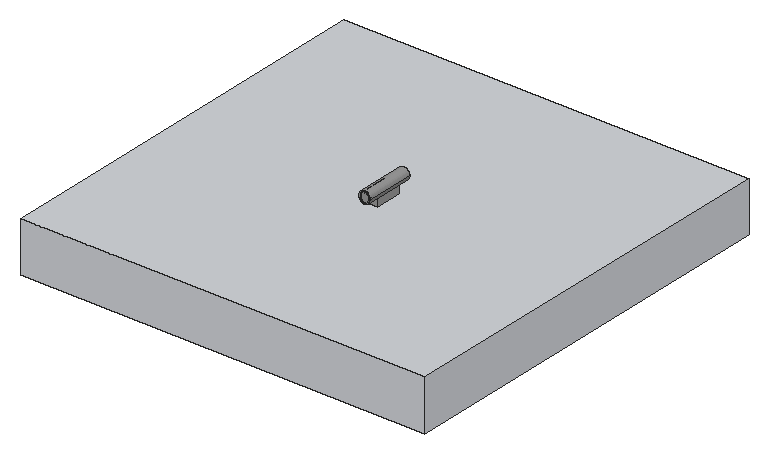
Revit family "LAMP_LUP WALL 70 DIRECT", category Luminarias, Revit 2018 (continued)
Types (2, lengths in mm): name | built-in parameter 1150107 | Product datasheet | Product code | built-in parameter 1150142 | built-in parameter 1150105 | built-in parameter 1150106 | Lumens | built-in parameter 1150104 | Efficacy | Archivo de red fotométrica
    .10 \r\n46.37 35.24 28.35 24.19 20.80 17.42 14.00 10.99 8.65 6.97 \r\n5.74 4.67 3.73 3.00 2.34 1.74 1.25 0.84 0.52 0.30 0.18 \r\n0.00 0.00 0.00 0.00 0.00 0.00 0.00 0.00 0.00 0.00 0.00 \r\n0.00 0.00 0.00 0.00 0.00 0.00 0.00 0.00 0.00 0.00 0.00 \r\n0.00 0.00 0.00 0.00 0.00 0.00 0.00 0.00 0.00 0.00 0.00 \r\n0.00 0.00 0.00 0.00 0.00 0.00 0.00 0.00 0.00 0.00 0.00 \r\n0.00 0.00 \r\n455.10 503.58 541.94 575.30 599.00 616.63 627.33 627.35 \r\n617.73 600.97 578.48 552.49 524.33 493.21 466.27 444.18 \r\n425.05 404.44 380.81 335.41 280.15 216.01 143.30 86.76 \r\n48.70 36.54 29.18 25.00 21.60 18.15 14.61 11.42 8.93 7.15 \r\n5.87 4.76 3.80 3.06 2.38 1.76 1.26 0.85 0.52 0.30 0.18 \r\n0.00 0.00 0.00 0.00 0.00 0.00 0.00 0.00 0.00 0.00 0.00 \r\n0.00 0.00 0.00 0.00 0.00 0.00 0.00 0.00 0.00 0.00 0.00 \r\n0.00 0.00 0.00 0.00 0.00 0.00 0.00 0.00 0.00 0.00 0.00 \r\n0.00 0.00 0.00 0.00 0.00 0.00 0.00 0.00 0.00 0.00 0.00 \r\n0.00 0.00 \r\n455.10 506.79 548.08 584.49 612.75 632.94 646.19 647.32 \r\n639.20 622.57 599.47 573.14 543.22 509.19 479.73 455.50 \r\n435.02 413.54 389.59 346.09 292.11 228.73 154.64 95.79 \r\n54.60 39.26 30.15 25.60 22.24 18.83 15.30 12.03 9.41 7.48 \r\n6.07 4.88 3.88 3.11 2.41 1.78 1.27 0.85 0.53 0.30 0.18 \r\n0.00 0.00 0.00 0.00 0.00 0.00 0.00 0.00 0.00 0.00 0.00 \r\n0.00 0.00 0.00 0.00 0.00 0.00 0.00 0.00 0.00 0.00 0.00 \r\n0.00 0.00 0.00 0.00 0.00 0.00 0.00 0.00 0.00 0.00 0.00 \r\n0.00 0.00 0.00 0.00 0.00 0.00 0.00 0.00 0.00 0.00 0.00 \r\n0.00 0.00 \r\n455.10 509.96 554.17 593.47 626.53 650.83 666.70 669.19 \r\n662.25 646.51 623.68 596.36 565.25 527.71 495.09 468.42 \r\n445.74 422.91 398.37 356.63 304.18 241.55 166.30 105.19 \r\n60.79 42.19 31.12 26.17 22.86 19.51 16.00 12.64 9.91 7.84 \r\n6.30 5.01 3.95 3.17 2.45 1.82 1.29 0.87 0.53 0.31 0.18 \r\n0.00 0.00 0.00 0.00 0.00 0.00 0.00 0.00 0.00 0.00 0.00 \r\n0.00 0.00 0.00 0.00 0.00 0.00 0.00 0.00 0.00 0.00 0.00 \r\n0.00 0.00 0.00 0.00 0.00 0.00 0.00 0.00 0.00 0.00 0.00 \r\n0.00 0.00 0.00 0.00 0.00 0.00 0.00 0.00 0.00 0.00 0.00 \r\n0.00 0.00 \r\n455.10 513.06 560.18 602.43 640.36 668.82 687.99 691.59 \r\n685.75 671.12 647.83 619.43 586.32 545.80 510.06 480.82 \r\n456.15 432.17 407.87 367.23 316.17 254.93 178.01 114.69 \r\n67.12 45.10 32.11 26.76 23.49 20.19 16.70 13.26 10.41 \r\n8.15 6.51 5.15 4.04 3.22 2.50 1.84 1.31 0.88 0.52 0.31 \r\n0.18 0.00 0.00 0.00 0.00 0.00 0.00 0.00 0.00 0.00 0.00 \r\n0.00 0.00 0.00 0.00 0.00 0.00 0.00 0.00 0.00 0.00 0.00 \r\n0.00 0.00 0.00 0.00 0.00 0.00 0.00 0.00 0.00 0.00 0.00 \r\n0.00 0.00 0.00 0.00 0.00 0.00 0.00 0.00 0.00 0.00 0.00 \r\n0.00 0.00 0.00 \r\n455.10 516.10 566.12 611.38 654.20 686.90 709.05 713.63 \r\n708.91 694.95 671.86 643.24 608.09 563.84 525.45 493.57 \r\n466.56 441.43 417.08 377.86 328.14 267.64 189.69 124.09 \r\n72.90 48.03 33.09 27.33 24.11 20.87 17.40 13.89 10.92 \r\n8.53 6.74 5.28 4.11 3.29 2.54 1.86 1.33 0.89 0.54 0.32 \r\n0.18 0.00 0.00 0.00 0.00 0.00 0.00 0.00 0.00 0.00 0.00 \r\n0.00 0.00 0.00 0.00 0.00 0.00 0.00 0.00 0.00 0.00 0.00 \r\n0.00 0.00 0.00 0.00 0.00 0.00 0.00 0.00 0.00 0.00 0.00 \r\n0.00 0.00 0.00 0.00 0.00 0.00 0.00 0.00 0.00 0.00 0.00 \r\n0.00 0.00 0.00 \r\n455.10 519.06 571.98 620.30 667.84 704.68 728.46 735.39 \r\n732.36 720.10 696.24 665.81 629.59 582.14 540.26 506.31 \r\n477.16 450.80 425.61 388.46 340.11 280.19 201.38 133.51 \r\n78.88 50.88 34.09 27.81 24.73 21.54 18.10 14.51 11.42 \r\n8.89 6.96 5.41 4.20 3.34 2.58 1.90 1.35 0.90 0.55 0.32 \r\n0.19 0.00 0.00 0.00 0.00 0.00 0.00 0.00 0.00 0.00 0.00 \r\n0.00 0.00 0.00 0.00 0.00 0.00 0.00 0.00 0.00 0.00 0.00 \r\n0.00 0.00 0.00 0.00 0.00 0.00 0.00 0.00 0.00 0.00 0.00 \r\n0.00 0.00 0.00 0.00 0.00 0.00 0.00 0.00 0.00 0.00 0.00 \r\n0.00 0.00 0.00 \r\n455.10 521.95 577.76 629.27 682.03 722.34 749.07 757.89 \r\n755.79 743.46 719.99 689.92 650.89 600.45 555.50 518.42 \r\n487.66 460.12 434.47 399.05 352.08 293.02 213.06 142.90 \r\n85.81 53.78 35.06 28.47 25.35 22.22 18.79 15.14 11.92 \r\n9.24 7.18 5.54 4.29 3.40 2.62 1.92 1.36 0.91 0.56 0.32 \r\n0.19 0.00 0.00 0.00 0.00 0.00 0.00 0.00 0.00 0.00 0.00 \r\n0.00 0.00 0.00 0.00 0.00 0.00 0.00 0.00 0.00 0.00 0.00 \r\n0.00 0.00 0.00 0.00 0.00 0.00 0.00 0.00 0.00 0.00 0.00 \r\n0.00 0.00 0.00 0.00 0.00 0.00 0.00 0.00 0.00 0.00 0.00 \r\n0.00 0.00 0.00 \r\n455.10 524.76 583.45 638.77 696.16 740.43 770.85 781.40 \r\n780.48 768.24 745.83 712.42 673.11 618.14 570.86 531.26 \r\n498.14 469.38 443.46 409.64 364.05 305.97 224.70 152.44 \r\n92.05 56.71 36.04 28.88 25.97 22.90 19.49 15.76 12.43 \r\n9.59 7.40 5.67 4.35 3.46 2.66 1.95 1.38 0.92 0.56 0.32 \r\n0.19 0.00 0.00 0.00 0.00 0.00 0.00 0.00 0.00 0.00 0.00 \r\n0.00 0.00 0.00 0.00 0.00 0.00 0.00 0.00 0.00 0.00 0.00 \r\n0.00 0.00 0.00 0.00 0.00 0.00 0.00 0.00 0.00 0.00 0.00 \r\n0.00 0.00 0.00 0.00 0.00 0.00 0.00 0.00 0.00 0.00 0.00 \r\n0.00 0.00 0.00 \r\n455.10 527.48 588.90 648.16 710.22 759.03 793.53 807.98 \r\n810.82 801.07 779.17 746.70 703.64 646.44 593.20 550.34 \r\n513.82 481.87 454.20 420.63 375.53 317.91 235.62 161.66 \r\n98.50 60.13 37.44 29.33 26.45 23.44 20.11 16.36 12.96 \r\n10.02 7.70 5.85 4.44 3.52 2.70 1.97 1.40 0.93 0.57 0.33 \r\n0.19 0.00 0.00 0.00 0.00 0.00 0.00 0.00 0.00 0.00 0.00 \r\n0.00 0.00 0.00 0.00 0.00 0.00 0.00 0.00 0.00 0.00 0.00 \r\n0.00 0.00 0.00 0.00 0.00 0.00 0.00 0.00 0.00 0.00 0.00 \r\n0.00 0.00 0.00 0.00 0.00 0.00 0.00 0.00 0.00 0.00 0.00 \r\n0.00 0.00 0.00 \r\n455.10 530.13 594.36 657.44 724.19 778.12 817.19 837.90 \r\n846.14 842.15 821.95 788.84 746.43 682.20 624.76 575.38 \r\n533.95 497.81 466.69 432.03 386.51 328.85 246.00 170.50 \r\n105.47 64.24 39.34 29.90 26.78 23.86 20.63 16.92 13.51 \r\n10.52 8.06 6.08 4.58 3.58 2.73 1.99 1.41 0.94 0.58 0.33 \r\n0.20 0.00 0.00 0.00 0.00 0.00 0.00 0.00 0.00 0.00 0.00 \r\n0.00 0.00 0.00 0.00 0.00 0.00 0.00 0.00 0.00 0.00 0.00 \r\n0.00 0.00 0.00 0.00 0.00 0.00 0.00 0.00 0.00 0.00 0.00 \r\n0.00 0.00 0.00 0.00 0.00 0.00 0.00 0.00 0.00 0.00 0.00 \r\n0.00 0.00 0.00 \r\n455.10 532.67 599.70 666.48 738.05 797.64 842.04 868.98 \r\n882.99 885.26 864.73 833.36 786.64 719.03 656.03 600.33 \r\n554.19 513.92 479.22 443.44 397.49 339.90 256.34 179.45 \r\n111.71 68.28 41.20 30.08 27.11 24.28 21.17 17.48 14.06 \r\n11.02 8.43 6.32 4.69 3.64 2.77 2.01 1.42 0.95 0.59 0.34 \r\n0.20 0.00 0.00 0.00 0.00 0.00 0.00 0.00 0.00 0.00 0.00 \r\n0.00 0.00 0.00 0.00 0.00 0.00 0.00 0.00 0.00 0.00 0.00 \r\n0.00 0.00 0.00 0.00 0.00 0.00 0.00 0.00 0.00 0.00 0.00 \r\n0.00 0.00 0.00 0.00 0.00 0.00 0.00 0.00 0.00 0.00 0.00 \r\n0.00 0.00 0.00 \r\n455.10 535.14 604.90 675.34 751.83 817.04 868.02 900.32 \r\n920.03 925.08 908.41 875.67 829.96 755.69 686.49 626.01 \r\n574.57 530.08 491.68 454.85 408.46 351.34 266.61 188.40 \r\n118.77 72.34 43.07 30.71 27.44 24.70 21.70 18.04 14.62 \r\n11.51 8.79 6.54 4.77 3.70 2.79 2.02 1.44 0.96 0.59 0.35 \r\n0.20 0.00 0.00 0.00 0.00 0.00 0.00 0.00 0.00 0.00 0.00 \r\n0.00 0.00 0.00 0.00 0.00 0.00 0.00 0.00 0.00 0.00 0.00 \r\n0.00 0.00 0.00 0.00 0.00 0.00 0.00 0.00 0.00 0.00 0.00 \r\n0.00 0.00 0.00 0.00 0.00 0.00 0.00 0.00 0.00 0.00 0.00 \r\n0.00 0.00 0.00 \r\n455.10 537.50 609.98 684.01 765.85 836.22 892.48 931.66 \r\n957.02 966.65 951.58 919.67 869.80 792.08 718.00 651.25 \r\n594.67 546.02 504.11 466.25 419.41 362.57 276.88 197.24 \r\n125.96 76.43 44.90 31.11 27.77 25.11 22.22 18.59 15.17 \r\n11.98 9.15 6.78 4.94 3.77 2.83 2.05 1.45 0.97 0.59 0.35 \r\n0.21 0.00 0.00 0.00 0.00 0.00 0.00 0.00 0.00 0.00 0.00 \r\n0.00 0.00 0.00 0.00 0.00 0.00 0.00 0.00 0.00 0.00 0.00 \r\n0.00 0.00 0.00 0.00 0.00 0.00 0.00 0.00 0.00 0.00 0.00 \r\n0.00 0.00 0.00 0.00 0.00 0.00 0.00 0.00 0.00 0.00 0.00 \r\n0.00 0.00 0.00 \r\n455.10 539.76 614.92 692.48 779.62 855.42 916.52 962.83 \r\n993.86 1009.40 994.94 962.74 913.94 828.54 748.80 676.49 \r\n614.80 561.98 516.73 477.64 430.35 372.59 287.23 206.23 \r\n132.79 80.45 46.75 31.42 28.10 25.53 22.72 19.15 15.72 \r\n12.50 9.52 7.01 4.99 3.83 2.86 2.07 1.46 0.98 0.60 0.36 \r\n0.21 0.00 0.00 0.00 0.00 0.00 0.00 0.00 0.00 0.00 0.00 \r\n0.00 0.00 0.00 0.00 0.00 0.00 0.00 0.00 0.00 0.00 0.00 \r\n0.00 0.00 0.00 0.00 0.00 0.00 0.00 0.00 0.00 0.00 0.00 \r\n0.00 0.00 0.00 0.00 0.00 0.00 0.00 0.00 0.00 0.00 0.00 \r\n0.00 0.00 0.00 \r\n455.10 541.93 619.70 700.74 793.12 874.62 941.26 994.13 \r\n1030.79 1049.72 1038.55 1005.96 952.43 865.50 780.21 \r\n701.24 635.31 578.05 529.19 489.03 441.31 383.56 297.47 \r\n215.09 139.59 84.50 48.61 31.85 28.43 25.95 23.23 19.72 \r\n16.28 13.00 9.89 7.25 5.16 3.89 2.90 2.07 1.48 0.99 0.62 \r\n0.37 0.22 0.00 0.00 0.00 0.00 0.00 0.00 0.00 0.00 0.00 \r\n0.00 0.00 0.00 0.00 0.00 0.00 0.00 0.00 0.00 0.00 0.00 \r\n0.00 0.00 0.00 0.00 0.00 0.00 0.00 0.00 0.00 0.00 0.00 \r\n0.00 0.00 0.00 0.00 0.00 0.00 0.00 0.00 0.00 0.00 0.00 \r\n0.00 0.00 0.00 0.00 \r\n455.10 543.95 624.32 709.06 806.34 892.92 965.80 1025.61 \r\n1068.62 1092.09 1083.95 1052.58 997.48 904.15 812.52 \r\n727.89 656.23 594.67 541.91 500.40 452.13 394.01 307.52 \r\n223.86 146.39 88.63 50.62 32.48 28.81 26.40 23.80 20.28 \r\n16.83 13.50 10.26 7.48 5.26 3.96 2.93 2.10 1.50 1.00 0.63 \r\n0.37 0.22 0.00 0.00 0.00 0.00 0.00 0.00 0.00 0.00 0.00 \r\n0.00 0.00 0.00 0.00 0.00 0.00 0.00 0.00 0.00 0.00 0.00 \r\n0.00 0.00 0.00 0.00 0.00 0.00 0.00 0.00 0.00 0.00 0.00 \r\n0.00 0.00 0.00 0.00 0.00 0.00 0.00 0.00 0.00 0.00 0.00 \r\n0.00 0.00 0.00 0.00 \r\n455.10 545.80 628.79 717.22 818.04 909.79 990.10 1057.35 \r\n1107.16 1138.36 1131.69 1101.54 1048.07 949.11 851.45 \r\n758.54 681.35 613.92 557.32 512.32 462.06 403.57 315.79 \r\n231.20 152.69 93.52 53.76 33.56 29.60 27.05 24.41 20.87 \r\n17.38 14.01 10.67 7.78 5.39 4.05 2.97 2.13 1.50 1.01 0.64 \r\n0.37 0.22 0.00 0.00 0.00 0.00 0.00 0.00 0.00 0.00 0.00 \r\n0.00 0.00 0.00 0.00 0.00 0.00 0.00 0.00 0.00 0.00 0.00 \r\n0.00 0.00 0.00 0.00 0.00 0.00 0.00 0.00 0.00 0.00 0.00 \r\n0.00 0.00 0.00 0.00 0.00 0.00 0.00 0.00 0.00 0.00 0.00 \r\n0.00 0.00 0.00 0.00 \r\n455.10 547.56 633.09 724.78 829.31 926.65 1014.41 1089.33 \r\n1145.99 1183.18 1181.74 1154.17 1097.40 996.16 891.97 \r\n792.60 706.94 633.83 572.50 524.25 471.73 413.14 323.86 \r\n238.31 158.84 98.45 57.10 33.75 30.44 27.74 25.01 21.47 \r\n17.94 14.52 11.10 8.09 5.65 4.14 3.00 2.14 1.51 1.02 0.65 \r\n0.38 0.22 0.00 0.00 0.00 0.00 0.00 0.00 0.00 0.00 0.00 \r\n0.00 0.00 0.00 0.00 0.00 0.00 0.00 0.00 0.00 0.00 0.00 \r\n0.00 0.00 0.00 0.00 0.00 0.00 0.00 0.00 0.00 0.00 0.00 \r\n0.00 0.00 0.00 0.00 0.00 0.00 0.00 0.00 0.00 0.00 0.00 \r\n0.00 0.00 0.00 0.00 \r\n455.10 549.21 636.79 732.09 840.24 943.43 1037.87 1121.04 \r\n1185.10 1226.14 1231.67 1206.77 1151.82 1043.60 932.82 \r\n824.69 732.76 653.74 588.16 536.15 481.43 420.77 332.04 \r\n245.59 164.66 103.39 60.37 35.79 31.27 28.42 25.70 22.06 \r\n18.49 15.03 11.51 8.39 5.81 4.23 3.05 2.15 1.53 1.03 0.65 \r\n0.39 0.22 0.00 0.00 0.00 0.00 0.00 0.00 0.00 0.00 0.00 \r\n0.00 0.00 0.00 0.00 0.00 0.00 0.00 0.00 0.00 0.00 0.00 \r\n0.00 0.00 0.00 0.00 0.00 0.00 0.00 0.00 0.00 0.00 0.00 \r\n0.00 0.00 0.00 0.00 0.00 0.00 0.00 0.00 0.00 0.00 0.00 \r\n0.00 0.00 0.00 0.00 \r\n455.10 550.75 640.13 739.12 850.80 959.87 1061.13 1152.90 \r\n1224.22 1270.80 1281.51 1258.88 1204.99 1090.87 973.54 \r\n858.12 758.39 673.63 603.32 548.02 491.20 430.01 340.09 \r\n252.85 170.48 108.42 63.65 37.25 32.11 29.11 26.27 22.65 \r\n19.05 15.54 11.93 8.71 5.90 4.33 3.08 2.15 1.54 1.04 0.66 \r\n0.39 0.22 0.00 0.00 0.00 0.00 0.00 0.00 0.00 0.00 0.00 \r\n0.00 0.00 0.00 0.00 0.00 0.00 0.00 0.00 0.00 0.00 0.00 \r\n0.00 0.00 0.00 0.00 0.00 0.00 0.00 0.00 0.00 0.00 0.00 \r\n0.00 0.00 0.00 0.00 0.00 0.00 0.00 0.00 0.00 0.00 0.00 \r\n0.00 0.00 0.00 0.00 \r\n455.10 552.20 643.29 745.86 860.93 976.21 1084.66 1184.89 \r\n1263.51 1317.42 1331.44 1311.27 1253.01 1137.86 1014.03 \r\n891.20 784.10 693.54 619.25 559.91 500.80 438.99 348.11 \r\n259.96 177.40 113.45 67.00 37.72 32.94 29.79 26.93 23.24 \r\n19.60 16.06 12.36 9.01 6.15 4.41 3.12 2.18 1.55 1.05 0.66 \r\n0.39 0.23 0.00 0.00 0.00 0.00 0.00 0.00 0.00 0.00 0.00 \r\n0.00 0.00 0.00 0.00 0.00 0.00 0.00 0.00 0.00 0.00 0.00 \r\n0.00 0.00 0.00 0.00 0.00 0.00 0.00 0.00 0.00 0.00 0.00 \r\n0.00 0.00 0.00 0.00 0.00 0.00 0.00 0.00 0.00 0.00 0.00 \r\n0.00 0.00 0.00 0.00 \r\n455.10 553.54 646.26 752.30 870.31 992.50 1106.84 1216.77 \r\n1302.08 1364.62 1381.48 1363.66 1305.76 1185.07 1054.64 \r\n922.86 809.81 713.51 633.64 571.85 510.61 447.41 356.29 \r\n267.19 183.01 118.37 70.22 39.70 33.78 30.48 27.58 23.83 \r\n20.16 16.58 12.77 9.32 6.38 4.51 3.15 2.21 1.56 1.05 0.67 \r\n0.40 0.23 0.00 0.00 0.00 0.00 0.00 0.00 0.00 0.00 0.00 \r\n0.00 0.00 0.00 0.00 0.00 0.00 0.00 0.00 0.00 0.00 0.00 \r\n0.00 0.00 0.00 0.00 0.00 0.00 0.00 0.00 0.00 0.00 0.00 \r\n0.00 0.00 0.00 0.00 0.00 0.00 0.00 0.00 0.00 0.00 0.00 \r\n0.00 0.00 0.00 0.00 \r\n455.10 554.67 649.03 757.90 879.08 1007.22 1127.44 \r\n1246.76 1337.16 1408.95 1427.95 1416.17 1358.94 1232.39 \r\n1093.98 956.20 835.57 733.02 650.37 583.65 520.28 456.54 \r\n364.21 274.39 189.65 123.44 73.56 40.86 34.61 31.17 28.16 \r\n24.43 20.71 17.06 13.18 9.62 6.56 4.60 3.20 2.24 1.57 \r\n1.06 0.67 0.40 0.23 0.00 0.00 0.00 0.00 0.00 0.00 0.00 \r\n0.00 0.00 0.00 0.00 0.00 0.00 0.00 0.00 0.00 0.00 0.00 \r\n0.00 0.00 0.00 0.00 0.00 0.00 0.00 0.00 0.00 0.00 0.00 \r\n0.00 0.00 0.00 0.00 0.00 0.00 0.00 0.00 0.00 0.00 0.00 \r\n0.00 0.00 0.00 0.00 0.00 0.00 \r\n455.10 555.48 651.59 761.82 887.26 1016.73 1147.23 \r\n1266.02 1369.66 1435.14 1468.26 1451.42 1401.89 1266.21 \r\n1126.22 981.35 854.48 747.99 660.83 592.01 526.71 462.51 \r\n369.39 278.53 192.91 126.54 75.70 40.33 35.43 31.81 28.74 \r\n24.93 21.15 17.46 13.51 9.86 6.67 4.67 3.23 2.25 1.57 \r\n1.07 0.68 0.41 0.23 0.00 0.00 0.00 0.00 0.00 0.00 0.00 \r\n0.00 0.00 0.00 0.00 0.00 0.00 0.00 0.00 0.00 0.00 0.00 \r\n0.00 0.00 0.00 0.00 0.00 0.00 0.00 0.00 0.00 0.00 0.00 \r\n0.00 0.00 0.00 0.00 0.00 0.00 0.00 0.00 0.00 0.00 0.00 \r\n0.00 0.00 0.00 0.00 0.00 0.00 \r\n455.10 556.19 653.94 765.28 894.50 1025.45 1159.55 \r\n1283.86 1386.88 1459.50 1491.79 1480.38 1423.39 1292.28 \r\n1147.40 998.04 867.30 757.28 666.18 596.41 529.99 464.19 \r\n371.31 280.28 195.52 127.78 76.71 43.35 36.22 32.41 29.31 \r\n25.33 21.49 17.76 13.75 10.03 6.72 4.73 3.25 2.26 1.58 \r\n1.07 0.69 0.41 0.23 0.00 0.00 0.00 0.00 0.00 0.00 0.00 \r\n0.00 0.00 0.00 0.00 0.00 0.00 0.00 0.00 0.00 0.00 0.00 \r\n0.00 0.00 0.00 0.00 0.00 0.00 0.00 0.00 0.00 0.00 0.00 \r\n0.00 0.00 0.00 0.00 0.00 0.00 0.00 0.00 0.00 0.00 0.00 \r\n0.00 0.00 0.00 0.00 0.00 0.00 \r\n455.10 556.79 656.06 768.26 899.46 1033.40 1169.70 \r\n1298.52 1403.94 1479.79 1515.38 1506.00 1447.17 1316.58 \r\n1168.36 1013.45 880.14 766.47 674.08 600.73 533.09 467.67 \r\n373.14 281.85 196.82 129.17 77.79 44.43 37.00 33.01 29.73 \r\n25.73 21.83 18.07 13.99 10.21 6.76 4.79 3.28 2.26 1.58 \r\n1.07 0.69 0.41 0.23 0.00 0.00 0.00 0.00 0.00 0.00 0.00 \r\n0.00 0.00 0.00 0.00 0.00 0.00 0.00 0.00 0.00 0.00 0.00 \r\n0.00 0.00 0.00 0.00 0.00 0.00 0.00 0.00 0.00 0.00 0.00 \r\n0.00 0.00 0.00 0.00 0.00 0.00 0.00 0.00 0.00 0.00 0.00 \r\n0.00 0.00 0.00 0.00 0.00 0.00 \r\n455.10 557.27 657.87 770.79 903.91 1040.81 1179.22 \r\n1312.01 1421.27 1500.65 1539.06 1531.23 1472.75 1340.91 \r\n1189.23 1030.20 892.85 775.59 681.06 605.39 536.15 470.82 \r\n375.29 283.60 197.97 130.43 78.87 44.48 37.77 33.61 30.19 \r\n26.13 22.17 18.38 14.21 10.37 6.92 4.85 3.30 2.26 1.59 \r\n1.07 0.69 0.41 0.23 0.00 0.00 0.00 0.00 0.00 0.00 0.00 \r\n0.00 0.00 0.00 0.00 0.00 0.00 0.00 0.00 0.00 0.00 0.00 \r\n0.00 0.00 0.00 0.00 0.00 0.00 0.00 0.00 0.00 0.00 0.00 \r\n0.00 0.00 0.00 0.00 0.00 0.00 0.00 0.00 0.00 0.00 0.00 \r\n0.00 0.00 0.00 0.00 0.00 0.00 \r\n455.10 557.66 658.76 772.88 907.83 1047.62 1189.45 \r\n1325.57 1438.29 1521.79 1562.62 1556.62 1499.48 1365.16 \r\n1210.04 1047.93 905.47 784.82 687.47 609.88 539.52 472.29 \r\n377.28 285.45 200.40 131.65 79.86 44.21 38.57 34.22 30.67 \r\n26.54 22.52 18.65 14.44 10.54 7.07 4.91 3.33 2.27 1.59 \r\n1.08 0.70 0.41 0.22 0.00 0.00 0.00 0.00 0.00 0.00 0.00 \r\n0.00 0.00 0.00 0.00 0.00 0.00 0.00 0.00 0.00 0.00 0.00 \r\n0.00 0.00 0.00 0.00 0.00 0.00 0.00 0.00 0.00 0.00 0.00 \r\n0.00 0.00 0.00 0.00 0.00 0.00 0.00 0.00 0.00 0.00 0.00 \r\n0.00 0.00 0.00 0.00 0.00 0.00 \r\n455.10 557.93 659.40 774.07 911.11 1053.79 1199.02 \r\n1339.28 1455.68 1543.01 1586.28 1582.23 1526.63 1389.10 \r\n1230.93 1065.20 918.04 794.09 693.67 614.43 542.71 474.43 \r\n379.27 287.19 202.46 132.95 80.91 45.77 39.35 34.82 31.17 \r\n26.95 22.85 18.93 14.67 10.71 7.21 4.96 3.36 2.27 1.59 \r\n1.08 0.70 0.41 0.22 0.00 0.00 0.00 0.00 0.00 0.00 0.00 \r\n0.00 0.00 0.00 0.00 0.00 0.00 0.00 0.00 0.00 0.00 0.00 \r\n0.00 0.00 0.00 0.00 0.00 0.00 0.00 0.00 0.00 0.00 0.00 \r\n0.00 0.00 0.00 0.00 0.00 0.00 0.00 0.00 0.00 0.00 0.00 \r\n0.00 0.00 0.00 0.00 0.00 0.00 \r\n455.10 558.0
    9 659.78 774.68 912.03 1056.54 1205.20 \r\n1350.46 1472.64 1564.09 1609.93 1607.57 1553.15 1413.11 \r\n1252.02 1082.19 930.62 803.30 699.68 618.95 546.01 476.97 \r\n381.18 288.78 204.22 134.20 81.92 47.35 40.14 35.42 31.66 \r\n27.35 23.19 19.22 14.90 10.87 7.33 5.02 3.38 2.28 1.60 \r\n1.08 0.70 0.40 0.22 0.00 0.00 0.00 0.00 0.00 0.00 0.00 \r\n0.00 0.00 0.00 0.00 0.00 0.00 0.00 0.00 0.00 0.00 0.00 \r\n0.00 0.00 0.00 0.00 0.00 0.00 0.00 0.00 0.00 0.00 0.00 \r\n0.00 0.00 0.00 0.00 0.00 0.00 0.00 0.00 0.00 0.00 0.00 \r\n0.00 0.00 0.00 0.00 0.00 0.00 \r\n455.10 558.15 659.91 774.88 912.34 1056.93 1205.62 \r\n1350.92 1472.92 1566.70 1614.93 1614.83 1562.61 1423.01 \r\n1261.72 1090.69 937.44 808.60 703.40 621.72 548.02 478.63 \r\n382.50 289.97 205.46 135.11 82.65 48.25 40.70 35.84 32.01 \r\n27.63 23.43 19.42 15.06 11.00 7.40 5.06 3.39 2.29 1.60 \r\n1.08 0.70 0.40 0.22 0.00 0.00 0.00 0.00 0.00 0.00 0.00 \r\n0.00 0.00 0.00 0.00 0.00 0.00 0.00 0.00 0.00 0.00 0.00 \r\n0.00 0.00 0.00 0.00 0.00 0.00 0.00 0.00 0.00 0.00 0.00 \r\n0.00 0.00 0.00 0.00 0.00 0.00 0.00 0.00 0.00 0.00 0.00 \r\n0.00 0.00 0.00 0.00 0.00 0.00 \r\n" | 52.914 (stored number, unit not read) | 0.52914 (stored number, unit not read) | 664.938 lm | 5.8278 (stored number, unit not read) | 62.73 lm/W | "LW170DR10AS30NB.IES"
